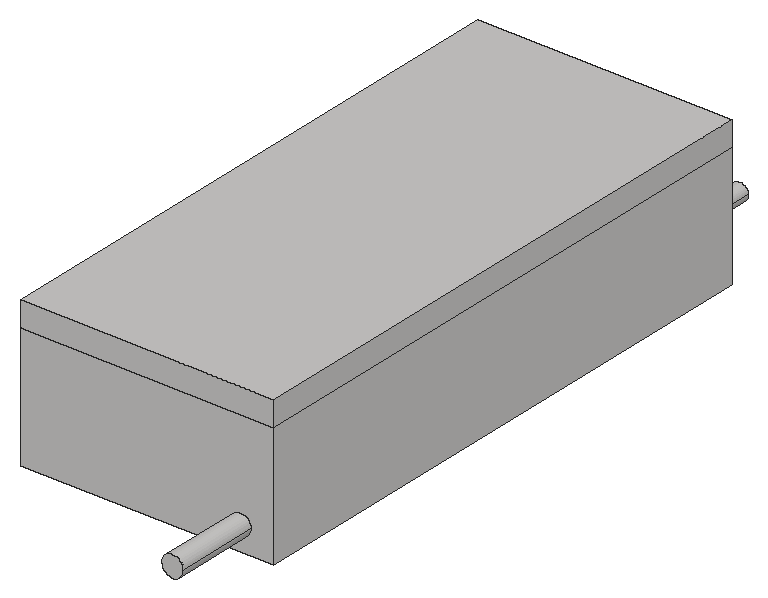
Revit family "DC_Rheem_PLM_940240", category Plumbing Fixtures, host Face, Revit 2017
Family settings
  Host = Face
  Round Connector Dimension = Use Radius
  Part Type = Normal
  Cut with Voids When Loaded = No
  Shared = No
  Room Calculation Point = No
Parameters
  WarmWaterPipeDiameter_ANZRS = WWRadius_ANZRS * 2  # 50 mm
  WWRadius_ANZRS = 25 mm
  URL = "http://www.rheem.com.au/CommercialProducts"
  Type Comments = "temperature range 25-60°C\r\n"
  Model = "940240\r\n"
  Materials_ANZRS = Rheem - Joey Grey Steel
  Manufacturer = "Rheem"
  HotWaterPipeDiameter_ANZRS = HotWaterSupplyRadius_ANZRS * 2  # 40 mm
  HotWaterSupplyRadius_ANZRS = 20 mm
  DesignBy_ANZRS = "Design Content ©"
  Description = "Guardian Warm Water 240L/min nominated flow rate\r\n"
  Default Elevation = 0 mm
  ColdWaterPipeDiameter_ANZRS = ColdWaterSupplyRadius_ANZRS * 2  # 40 mm
  ColdWaterSupplyRadius_ANZRS = 20 mm
  BoxWidth_ANZRS = 600 mm
  BoxThickness_ANZRS = 350 mm
  BoxHeight_ANZRS = 1350 mm
  Author_ANZRS = "DM"
  ARMWaterDiameter_ANZRS = ARMRadius_ANZRS * 2  # 40 mm
  ARMRadius_ANZRS = 20 mm
Reference planes
  plane 1 "Center (Front/Back)": y = 0
  plane 2: z = 0
  plane 3 "Center (Left/Right)": x = 0
  plane 4 "W1": x = -300
  plane 5 "W2": x = 300
  plane 6 "H1": y = 1350
  plane 7 "HWS": x = 160
  plane 8 "WWR": x = -10
  plane 9 "CWS": x = -240
  plane 10: z = 350
  plane 11 "THK 1": z = 290
  plane 12 "CD 2": z = 60
  plane 13 "CD 3": z = 120
  plane 14 "L2": y = 1550
  plane 15 "WWF": x = 220
  plane 16 "L1": y = -200
  plane 17 "CD 1": z = 57
Forms (mm)
  Extrusion 1, solid, material "Rheem - Joey Grey Steel" <- "Materials_ANZRS"
    sketch origin (0, 0, 0) x (1, 0, 0) y (0, 1, 0)
      loop
        line (-300, 1350) -> (-300, 0) -> (300, 0) -> (300, 1350) -> (-300, 1350)
    from 0 to 290
  Extrusion 2, solid, material "Rheem - Joey Grey Steel" <- "Materials_ANZRS"
    sketch origin (0, 0, 0) x (1, 0, 0) y (0, 1, 0)
      loop
        line (-300, 1350) -> (-300, 0) -> (300, 0) -> (300, 1350) -> (-300, 1350)
    from 290 to 350
  Extrusion 3, solid, material "Rheem - Joey Grey Steel" <- "Materials_ANZRS"
    sketch origin (0, 0, 0) x (1, 0, 0) y (0, 0, 1)
      loop
        circle (-10, 60) r 20
      loop
        circle (160, 60) r 20
      loop
        circle (-240, 120) r 20
    from -1550 to -1350
  Extrusion 4, solid, material "Rheem - Joey Grey Steel" <- "Materials_ANZRS"
    sketch origin (46.441, 0, 0) x (1, 0, 0) y (0, 0, 1)
      loop
        circle (173.559, 57) r 25
    from 0 to 200
Lines and regions (mm)
  Masking region 1
    outline origin (0, 0, 0) x (1, 0, 0) y (0, 1, 0)
      loop
        line (300, 0) -> (300, 1350) -> (180, 1350) -> (180, 1550) -> (140, 1550) -> (140, 1350) -> (10, 1350) -> (10, 1550) -> (-30, 1550) -> (-30, 1350) -> (-220, 1350) -> (-220, 1550) -> (-260, 1550) -> (-260, 1350) -> (-300, 1350) -> (-300, 0) -> (195, 0) -> (195, -200) -> (275, -200) -> (275, 0) -> (300, 0)
  Masking region 2
    outline origin (0, 0, 0) x (1, 0, 0) y (0, 0, 1)
      loop
        line (300, 350) -> (-300, 350) -> (-300, 0) -> (300, 0) -> (300, 350)
  Masking region 3
    outline origin (0, 0, 0) x (0, 1, 0) y (0, 0, 1)
      loop
        line (1350, 350) -> (0, 350) -> (0, 82) -> (-200, 82) -> (-200, 32) -> (0, 32) -> (0, 0) -> (1350, 0) -> (1350, 40) -> (1550, 40) -> (1550, 90) -> (1550, 140) -> (1350, 140) -> (1350, 350)
  symbolic lines, style "Rheem - Guardian Warm Water", detail levels fine
    curve 1: line (300, 1350, 0) -> (-300, 1350, 0)
    curve 2: line (-300, 1350, 0) -> (-300, 0, 0)
    curve 3: line (-300, 0, 0) -> (300, 0, 0)
    curve 4: line (300, 0, 0) -> (300, 1350, 0)
    curve 5: line (0, 1350, 0) -> (0, 1350, 290)
    curve 6: line (0, 0, 290) -> (0, 1350, 290)
    curve 7: line (0, 1350, 290) -> (0, 1350, 350)
    curve 8: line (0, 1350, 350) -> (0, 0, 350)
    curve 9: line (0, 0, 350) -> (0, 0, 290)
    curve 10: line (0, 0, 290) -> (0, 0, 0)
    curve 11: line (0, 1550, 80) -> (0, 1350, 80)
    curve 12: line (-300, 0, 0) -> (300, 0, 0)
    curve 13: line (-300, 0, 350) -> (-300, 0, 0)
    curve 14: line (300, 0, 350) -> (-300, 0, 350)
    curve 15: line (300, 0, 0) -> (300, 0, 350)
    curve 16: line (-300, 0, 290) -> (300, 0, 290)
    curve 17: arc (-260, 0, 120) -> (-240, 0, 100) -> (-220, 0, 120) r 20
    curve 18: arc (-220, 0, 120) -> (-240, 0, 140) -> (-260, 0, 120) r 20
    curve 19: arc (-30, 0, 60) -> (-10, 0, 40) -> (10, 0, 60) r 20
    curve 20: arc (10, 0, 60) -> (-10, 0, 80) -> (-30, 0, 60) r 20
    curve 21: arc (140, 0, 60) -> (160, 0, 40) -> (180, 0, 60) r 20
    curve 22: arc (180, 0, 60) -> (160, 0, 80) -> (140, 0, 60) r 20
    curve 23: line (0, 1350, 0) -> (0, 0, 0)
    curve 24: line (0, 1550, 100) -> (0, 1350, 100)
Dimensions and locks
  equal spacing: plane 4 "W1", plane 3 "Center (Left/Right)", plane 5 "W2"
  plane 4 "W1" to plane 5 "W2" = 600 mm
  "BoxHeight_ANZRS": plane 6 "H1" to plane 1 "Center (Front/Back)"
  "BoxThickness_ANZRS": plane 10 to level
  plane 12 "CD 2" to level = 60 mm
  plane 13 "CD 3" to level = 120 mm
  locked: plane 14 "L2" to plane 6 "H1" at 200
  plane 16 "L1" to plane 1 "Center (Front/Back)" = 200 mm
  plane 15 "WWF" to plane 5 "W2" = 80 mm
  locked: plane 10 to plane 11 "THK 1" at 60
  "BoxWidth_ANZRS": plane 4 "W1" to plane 5 "W2"
  plane 17 "CD 1" to level = 57 mm
  plane 9 "CWS" to plane 4 "W1" = 60 mm
  plane 8 "WWR" to plane 4 "W1" = 290 mm
  plane 7 "HWS" to plane 4 "W1" = 460 mm
  "ARMRadius_ANZRS": radius of Extrusion 3 sketch curve
  "ColdWaterSupplyRadius_ANZRS": radius of Extrusion 3 sketch curve
  "HotWaterSupplyRadius_ANZRS": radius of Extrusion 3 sketch curve
  "WWRadius_ANZRS": radius of Extrusion 4 sketch curve
  aligned and locked: plane 2 to host face
  aligned and locked: level to host face
  aligned and locked: Extrusion 1 sketch curve to plane 6 "H1"
  aligned and locked: plane 4 "W1" to Extrusion 1 sketch curve
  aligned and locked: Extrusion 1 sketch curve to plane 1 "Center (Front/Back)"
  aligned and locked: Extrusion 1 sketch curve to plane 5 "W2"
  aligned and locked: plane 11 "THK 1" to Extrusion 1
  aligned and locked: Extrusion 2 sketch curve to Extrusion 1  (x4)
  aligned and locked: Extrusion 2 to plane 11 "THK 1"
  aligned and locked: plane 10 to Extrusion 2
  aligned and locked: plane 9 "CWS" to Extrusion 3 sketch curve
  aligned and locked: plane 8 "WWR" to Extrusion 3 sketch curve
  aligned and locked: plane 7 "HWS" to Extrusion 3 sketch curve
  aligned and locked: plane 12 "CD 2" to Extrusion 3 sketch curve  (x2)
  aligned and locked: plane 13 "CD 3" to Extrusion 3 sketch curve
  aligned and locked: Extrusion 3 to plane 6 "H1"
  aligned and locked: plane 14 "L2" to Extrusion 3
  aligned and locked: plane 15 "WWF" to Extrusion 4 sketch curve
  aligned and locked: Extrusion 4 to plane 16 "L1"
  aligned and locked: curve 1 to Extrusion 2
  aligned and locked: curve 2 to Extrusion 2
  aligned and locked: curve 3 to Extrusion 2
  aligned and locked: curve 4 to Extrusion 2
  aligned and locked: curve 5 to Extrusion 1
  aligned and locked: curve 6 to Extrusion 2
  aligned and locked: curve 7 to Extrusion 2
  aligned and locked: curve 8 to Extrusion 2
  aligned and locked: curve 9 to Extrusion 2
  aligned and locked: curve 10 to Extrusion 1
  aligned and locked: curve 12 to Extrusion 1
  aligned and locked: curve 13 to Extrusion 1
  aligned and locked: curve 14 to Extrusion 2
  aligned and locked: curve 15 to Extrusion 2
  aligned and locked: curve 16 to Extrusion 2
  aligned and locked: curve 17 to Extrusion 3
  aligned and locked: curve 18 to Extrusion 3
  aligned and locked: curve 19 to Extrusion 3
  aligned and locked: curve 20 to Extrusion 3
  aligned and locked: curve 21 to Extrusion 3
  aligned and locked: curve 22 to Extrusion 3
  aligned and locked: plane 17 "CD 1" to Extrusion 4 sketch curve
  aligned and locked: Masking region 1 sketch curve to curve 4
  aligned and locked: Masking region 1 sketch curve to curve 3
  aligned and locked: Masking region 1 sketch curve to curve 2
  aligned and locked: Masking region 1 sketch curve to curve 1
  aligned and locked: Masking region 2 sketch curve to curve 14
  aligned and locked: Masking region 2 sketch curve to curve 13
  aligned and locked: Masking region 2 sketch curve to curve 12
  aligned and locked: Masking region 2 sketch curve to curve 15
  aligned and locked: Masking region 3 sketch curve to curve 8
  aligned and locked: Masking region 3 sketch curve to curve 7
  aligned and locked: Masking region 3 sketch curve to curve 23
  aligned and locked: Masking region 3 sketch curve to curve 10
Automatic sketch dimensions
  host sketch curve to host sketch curve = 1451.981 mm
  host sketch curve to host sketch curve = 2179.008 mm
  curve 1 to plane 4 "W1" = 0 mm
  plane 1 "Center (Front/Back)" to curve 3 = 0 mm
  curve 3 to plane 5 "W2" = 0 mm
  curve 2 to plane 6 "H1" = 0 mm
  curve 9 to plane 1 "Center (Front/Back)" = 0 mm
  curve 7 to plane 6 "H1" = 0 mm
  curve 24 to plane 14 "L2" = 0 mm
  curve 11 to plane 14 "L2" = 0 mm
  curve 10 to level = 0 mm
  curve 7 to plane 11 "THK 1" = 0 mm
  curve 8 to plane 10 = 0 mm
  plane 12 "CD 2" to curve 11 = 20 mm
  curve 24 to plane 13 "CD 3" = 20 mm
  Masking region 1 sketch curve to plane 14 "L2" = 0 mm  (x3)
  Masking region 1 sketch curve to plane 6 "H1" = 0 mm  (x3)
  Masking region 1 sketch curve to plane 16 "L1" = 0 mm
  plane 1 "Center (Front/Back)" to Masking region 1 sketch curve = 0 mm
  plane 9 "CWS" to Masking region 1 sketch curve = 20 mm
  Masking region 1 sketch curve to plane 9 "CWS" = 20 mm
  plane 8 "WWR" to Masking region 1 sketch curve = 20 mm
  Masking region 1 sketch curve to plane 8 "WWR" = 20 mm
  plane 7 "HWS" to Masking region 1 sketch curve = 20 mm
  Masking region 1 sketch curve to plane 7 "HWS" = 20 mm
  plane 15 "WWF" to Masking region 1 sketch curve = 25 mm
  Masking region 1 sketch curve to Masking region 1 sketch curve = 25 mm
  Masking region 3 sketch curve to plane 16 "L1" = 0 mm
  Masking region 3 sketch curve to plane 6 "H1" = 0 mm
  Masking region 3 sketch curve to plane 14 "L2" = 0 mm
  Masking region 3 sketch curve to plane 17 "CD 1" = 17 mm
  plane 12 "CD 2" to Masking region 3 sketch curve = 30 mm
  plane 13 "CD 3" to Masking region 3 sketch curve = 20 mm
  Masking region 3 sketch curve to plane 1 "Center (Front/Back)" = 0 mm
  Masking region 3 sketch curve to plane 17 "CD 1" = 25 mm
  plane 12 "CD 2" to Masking region 3 sketch curve = 22 mm
Connectors
  piping at (-240, 1550, 120), diameter 40, driven by "ColdWaterSupplyRadius_ANZRS"
    settings: on Extrusion 3, index 1, connector inside diameter 1.5748", connector length 0 mm, flow factor 0, pipe flow 0 GPM, pressure drop 0.00 psi, fitting loss kfactor 0, connector angle 0.00°, fixture units 0, engagement length 0 mm, angle of deflection 0.00°, flow configuration 1, flow direction 1, fitting loss method 0, system type 20, joint type 0, gender type 0, connector reference index -1, connector utility 0, adjustable connector no, is connector primary yes, connector description ""
  piping at (-10, 1550, 60), diameter 40, driven by "ARMRadius_ANZRS"
    settings: on Extrusion 3, index 2, connector inside diameter 1.5748", connector length 0 mm, flow factor 0, pipe flow 0 GPM, pressure drop 0.00 psi, fitting loss kfactor 0, connector angle 0.00°, fixture units 0, engagement length 0 mm, angle of deflection 0.00°, flow configuration 1, flow direction 1, fitting loss method 0, system type 19, joint type 0, gender type 0, connector reference index -1, connector utility 0, adjustable connector no, is connector primary no, connector description ""
  piping at (160, 1550, 60), diameter 40, driven by "HotWaterSupplyRadius_ANZRS"
    settings: on Extrusion 3, index 3, connector inside diameter 1.5748", connector length 0 mm, flow factor 0, pipe flow 0 GPM, pressure drop 0.00 psi, fitting loss kfactor 0, connector angle 0.00°, fixture units 0, engagement length 0 mm, angle of deflection 0.00°, flow configuration 1, flow direction 2, fitting loss method 0, system type 19, joint type 0, gender type 0, connector reference index -1, connector utility 0, adjustable connector no, is connector primary no, connector description ""
  piping at (220, -200, 57), diameter 50, driven by "WWRadius_ANZRS"
    settings: on Extrusion 4, index 4, connector inside diameter 1.9685", connector length 0 mm, flow factor 0, pipe flow 0 GPM, pressure drop 0.00 psi, fitting loss kfactor 0, connector angle 0.00°, fixture units 0, engagement length 0 mm, angle of deflection 0.00°, flow configuration 1, flow direction 2, fitting loss method 0, system type 19, joint type 0, gender type 0, connector reference index -1, connector utility 0, adjustable connector no, is connector primary no, connector description ""
